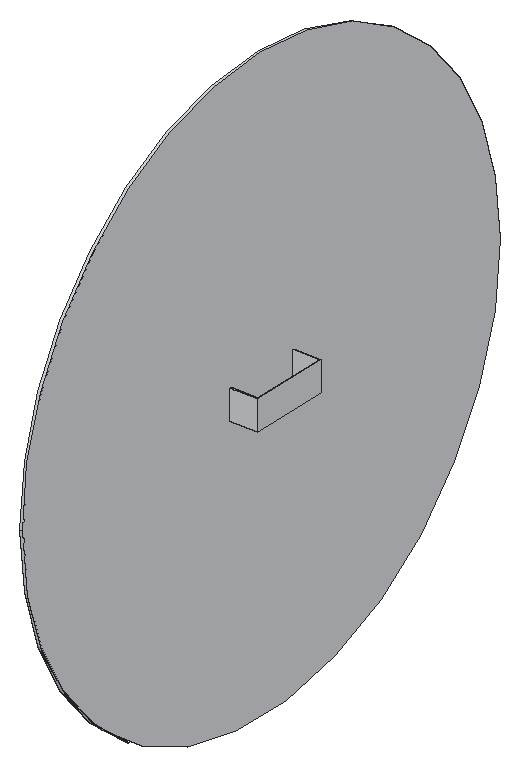
Revit family
Parameters (values of type "DW24DWTEAD-3")
  WALLTHICK = 3/64"  # constant formula
  Model = "DW24DWTEAD-3"
  Manufacturer = "CaptiveAire"
  HANLELENGTH = 4"  # constant formula
  HANDLEWIDTH = 1 1/2"  # constant formula
  HANDLETHICK = 3/64"  # constant formula
  HANDLEDEPTH = 1 27/64"  # constant formula
  Description = "24\" Double-Tee Access Cover"
  DOORRAD = (DOORDIA / 2)  # 15"
  DOORDIA = 30"
Types (14): name | Model | Description | DOORRAD | DOORDIA
  (no name) | "DW24DWTEAD-3" | "24\" Double-Tee Access Cover" | 15" | 30"
  DW08DWTEAD-3 | "DW08DWTEAD-3" | "8\" Double-Tee Access Cover" | 7" | 14"
  DW10DWTEAD-3 | "DW10DWTEAD-3" | "10\" Double-Tee Access Cover" | 8" | 16"
  DW12DWTEAD-3 | "DW12DWTEAD-3" | "12\" Double-Tee Access Cover" | 9" | 18"
  DW14DWTEAD-3 | "DW14DWTEAD-3" | "14\" Double-Tee Access Cover" | 10" | 20"
  DW16DWTEAD-3 | "DW16DWTEAD-3" | "16\" Double-Tee Access Cover" | 11" | 22"
  DW18DWTEAD-3 | "DW18DWTEAD-3" | "18\" Double-Tee Access Cover" | 12" | 24"
  DW20DWTEAD-3 | "DW20DWTEAD-3" | "20\" Double-Tee Access Cover" | 13" | 26"
  DW24DWTEAD-3 | "DW24DWTEAD-3" | "24\" Double-Tee Access Cover" | 15" | 30"
  DW08DWTEAD-2 | "DW08DWTEAD-2" | "8\" Double-Tee Access Cover" | 6" | 12"
  DW10DWTEAD-2 | "DW10DWTEAD-2" | "10\" Double-Tee Access Cover" | 7" | 14"
  DW12DWTEAD-2 | "DW12DWTEAD-2" | "12\" Double-Tee Access Cover" | 8" | 16"
  DW14DWTEAD-2 | "DW14DWTEAD-2" | "14\" Double-Tee Access Cover" | 9" | 18"
  DW16DWTEAD-2 | "DW16DWTEAD-2" | "16\" Double-Tee Access Cover" | 10" | 20"
Reference planes (in)
  plane 1 "Center (Front/Back)": y = 0
  plane 2: z = 0
  plane 3 "Center (Left/Right)": x = -6.88877
  plane 4: x = -6.8419
Forms (in)
  Extrusion 1, solid
    sketch origin (-6.88877, 0, 0) x (0, 1, 0) y (0, 0, 1)
      loop
        circle (0, 0) r 15
    from 0 to 0.125
  Extrusion 2, solid
    sketch origin (0, 0, 0) x (1, 0, 0) y (0, 1, 0)
      loop
        line (-6.76377, 2) -> (-6.76377, 1.95312) -> (-5.38877, 1.95312) -> (-5.38877, -1.95313) -> (-6.76377, -1.95313) -> (-6.76377, -2) -> (-5.3419, -2) -> (-5.3419, 2) -> (-6.76377, 2)
    from -0.75 to 0.75
Dimensions and locks (in)
  "WALLTHICK": plane 4 to plane 3 "Center (Left/Right)"
  equal spacing: Extrusion 2 sketch curve, plane 1 "Center (Front/Back)", Extrusion 2 sketch curve
  "HANLELENGTH": Extrusion 2 sketch curve to Extrusion 2 sketch curve
  "HANDLETHICK": Extrusion 2 sketch curve to Extrusion 2 sketch curve  (x3)
  "HANDLEDEPTH": Extrusion 1 to Extrusion 2 sketch curve
  "DOORRAD": radius of Extrusion 1 sketch curve
  aligned: Extrusion 1 to plane 4
  aligned and locked: Extrusion 1 to Extrusion 2 sketch curve  (x2)
Automatic sketch dimensions
  Extrusion 1 sketch curve to level = 0"
  Extrusion 1 sketch curve to plane 1 "Center (Front/Back)" = 0"
